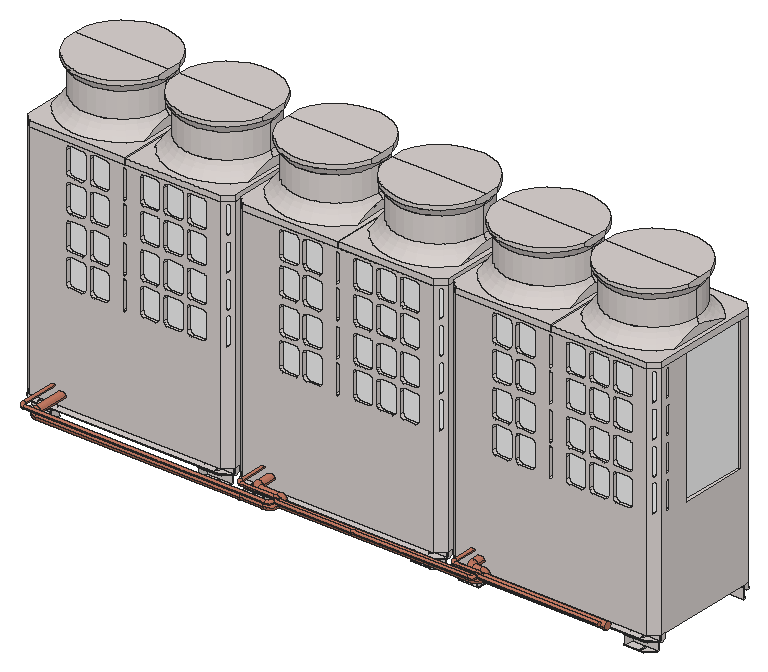
Revit family "PUHY-P1300YSNW-A1", category 機械設備, Revit 2016 (continued)
Definition of nested family "PUHY-P450YNW-A1"
  Dimensions and locks
    plane 3 "Center (Left/Right)" to cut or joined group 1 (Extrusion 1, Extrusion 2, Extrusion 3, Extrusion 4, Extrusion 5, Extrusion 6, Extrusion 7, Extrusion 8, Extrusion 9, Extrusion 10, Extrusion 11, Extrusion 12, Extrusion 13, Extrusion 14, Extrusion 15, Extrusion 16, Extrusion 17, Extrusion 18, Extrusion 19, Extrusion 20, Extrusion 21, Extrusion 22, Extrusion 23, Extrusion 24, Extrusion 25, Extrusion 26, Extrusion 27, Extrusion 28, Extrusion 29, Extrusion 30, Extrusion 31, Extrusion 32, Extrusion 33) = 620.000 mm
    cut or joined group 1 to plane 3 "Center (Left/Right)" = 620.000 mm
    Extrusion 1 sketch curve to Extrusion 1 sketch curve = 1240.000 mm
    cut or joined group 1 to plane 8 = 185.000 mm
    cut or joined group 1 to plane 7 = 166.000 mm
    cut or joined group 1 to plane 6 = 110.000 mm
    cut or joined group 1 to plane 12 to cut or joined group 1 = 805.000 mm, 621.000 mm
    plane 5 to plane 2 = 1858.000 mm  (x2)
    cut or joined group 1 to plane 19 "132" = 132.000 mm
    cut or joined group 1 to plane 22 = 207.000 mm
    cut or joined group 1 to plane 23 = 256.000 mm
    cut or joined group 1 to plane 6 = 60.000 mm
    cut or joined group 1 to cut or joined group 1 = 42.154 mm
    cut or joined group 1 to cut or joined group 1 = 11.895 mm
    nested 1 to nested 3 to level = 1798.000 mm, 60.000 mm
    nested 1 to nested 1 = 303.000 mm
    nested 1 to nested 3 = 1495.000 mm
    nested 8 to nested 8 to nested 8 to nested 7 to nested 7 to nested 7 = 54.000 mm, 20.000 mm, 592.000 mm, 20.000 mm, 54.000 mm
    nested 3 to nested 3 = 56.000 mm
    plane 11 to plane 31 to plane 32 to cut or joined group 1 = 90.000 mm, 1060.000 mm, 90.000 mm
    curve 103 to nested 7 = 90.000 mm
    curve 104 to nested 7 = 125.000 mm
    curve 101 to nested 7 = 100.000 mm
    curve 11 to curve 13 to nested 7 = 84.000 mm, 71.000 mm
    cut or joined group 1 to curve 12 to curve 14 = 125.000 mm, 148.000 mm
    nested 2 to nested 7 = 1495.000 mm
    curve 87 to cut or joined group 1 = 152.000 mm
    curve 88 to cut or joined group 1 = 172.000 mm
    curve 89 to cut or joined group 1 = 216.000 mm
    cut or joined group 1 to curve 4 to curve 2 = 128.000 mm, 150.000 mm
    cut or joined group 1 to curve 1 to curve 3 = 79.000 mm, 94.000 mm
    Extrusion 32 sketch curve to nested 7 = 116.000 mm
    cut or joined group 1 to Extrusion 32 sketch curve = 160.000 mm
    cut or joined group 1 to Extrusion 33 sketch curve = 243.000 mm
    Extrusion 33 sketch curve to nested 7 = 116.000 mm
    aligned and locked: level to plane 2
    aligned and locked: Extrusion 1 to plane 4
  Nested families
    nested 1: "FAN GUARD" at (-311.5, 2, 860), type "FAN GUARD"
      with WIDTH 870.000 mm
    nested 2: "FAN GUARD" at (311.5, 2, 860) x (-1, 0, 0) z (0, 0, 1), type "FAN GUARD"
      with WIDTH 870.000 mm
    nested 3: "ATTACHMENT LEG" at (-524, -349, 0), type "ATTACHMENT LEG"
    nested 4: "ATTACHMENT LEG" at (-524, 349, 0), type "ATTACHMENT LEG"
    nested 5: "ATTACHMENT LEG" at (524, -349, 0) x (-1, 0, 0) z (0, 0, 1), type "ATTACHMENT LEG"
    nested 6: "ATTACHMENT LEG" at (524, 349, 0) x (-1, 0, 0) z (0, 0, 1), type "ATTACHMENT LEG"
    nested 7: "BASE LEG_L_" at (0, -352, 60), type "BASE LEG_L_"
      with Width 1240.000 mm
    nested 8: "BASE LEG_L_" at (0, 352, 60), type "BASE LEG_L_"
      with Width 1240.000 mm
  Connectors
    piping at (-460, -191, 176), diameter 25.4, driven by "Liquid pipe_radius"
      settings: on cut or joined group 1, index 3, connector inside diameter 25.4 mm, connector length 0.000 mm, flow factor 0, pipe flow 0.0 L/s, pressure drop 0.0 Pa, fitting loss kfactor 0, connector angle 0.00°, fixture units 0, engagement length 0.000 mm, angle of deflection 0.00°, flow configuration 0, flow direction 0, fitting loss method 0, system type 22, joint type 0, gender type 0, connector reference index -1, connector utility 0, adjustable connector no, is connector primary yes, connector description "Refrigerant service valve<Liquid pipe>"
    piping at (-377, -191, 176), diameter 28.58, driven by "Gas pipe_radius"
      settings: on cut or joined group 1, index 4, connector inside diameter 28.58 mm, connector length 0.000 mm, flow factor 0, pipe flow 0.0 L/s, pressure drop 0.0 Pa, fitting loss kfactor 0, connector angle 0.00°, fixture units 0, engagement length 0.000 mm, angle of deflection 0.00°, flow configuration 0, flow direction 0, fitting loss method 0, system type 22, joint type 0, gender type 0, connector reference index -1, connector utility 0, adjustable connector no, is connector primary no, connector description "Refrigerant service valve<Gas>"
    electrical at (0, -370, 808)
      settings: on cut or joined group 1, index 5, voltage 0 V, apparent load 0 VA, apparent load phase1 0 VA, apparent load phase2 0 VA, apparent load phase3 0 VA, power factor 1, load classification none, number of poles 1, system type 30, power factor state 1, is connector primary yes, connector utility no, sub classification motor no, connector description ""
  Definition of nested family "FAN GUARD"
    Parameters
      WIDTH [instance] = 870.000 mm
    Reference planes
      plane 1 "中心(正面/背面)": y = -2
      plane 2: z = 0
      plane 3 "ファンガード基準面": z = 661
      plane 4: y = 368
      plane 5: x = 366
      plane 6: x = -375
      plane 7 "ファンガード基準上面": z = 695
      plane 8 "ファンガード上面": z = 998
      plane 9: x = -273.971
      plane 10: x = 308.5
      plane 11: x = -308.5
      plane 12: x = 0
    Forms (mm)
      Extrusion 1, solid
        sketch origin (85, 0, 661) x (-1, 0, 0) y (0, -1, 0)
          loop
            line (343.5, -368) -> (393.5, -318) -> (393.5, 322) -> (343.5, 372) -> (-223.5, 372) -> (-223.5, -368) -> (343.5, -368)
        from 0 to 34
      Revolve 2, solid
        sketch origin (0, -2, 0) x (1, 0, 0) y (0, 0, 1)
          loop
            line (0, 695) -> (0, 998) -> (-290, 998) -> (-290, 972.327) -> (-260, 928.372) -> (-260, 777.384)
            arc (-260, 777.384) -> (-290.651, 730.137) -> (-334.665, 695) r 175.882
            line (-334.665, 695) -> (0, 695)
          axis (0, 998) -> (0, 695)
        angle from 0 to 360
      Extrusion 3, void
        sketch origin (-840, 75, 695) x (-1, 0, 0) y (0, -1, 0)
          loop
            line (-410, -165) -> (-410, 315) -> (-561.253, 315) -> (-561.253, -165) -> (-410, -165)
        from -35 to 430.592
      Extrusion 4, void
        sketch origin (840, 75, 695) x (1, 0, 0) y (0, 1, 0)
          loop
            line (-410, 165) -> (-561.253, 165) -> (-561.253, -315) -> (-410, -315) -> (-410, 165)
        from 0 to 430.592
    Cuts and joins
      Extrusion 3, Extrusion 4 cuts Revolve 2
      Extrusion 4 cuts Extrusion 1
    Lines and regions (mm)
      model lines
        curve 1: line (-278.747, 0, 998) -> (-80, 0, 998)
        curve 2: line (80, 0, 998) -> (278.747, 0, 998)
        curve 3: circle (0, 0, 998) r 80 normal (0, 0, 1)
        curve 4: line (-278.747, -80, 998) -> (278.747, -80, 998)
        curve 5: line (-241.868, -160, 998) -> (241.868, -160, 998)
        curve 6: line (-162.788, -240, 998) -> (162.788, -240, 998)
        curve 7: line (-278.747, 80, 998) -> (278.747, 80, 998)
        curve 8: line (-241.868, 160, 998) -> (240, 160, 998)
        curve 9: line (-160, 240, 998) -> (162.788, 240, 998)
        curve 10: line (0, 290, 998) -> (0, -290, 998)
        curve 11: line (-20, 289.31, 998) -> (-20, -289.31, 998)
        curve 12: line (-40, 287.228, 998) -> (-40, -287.228, 998)
        curve 13: line (-60, 283.725, 998) -> (-60, -283.725, 998)
        curve 14: line (-80, 278.747, 998) -> (-80, -278.747, 998)
        curve 15: line (20, 289.31, 998) -> (20, -289.31, 998)
        curve 16: line (40, 287.228, 998) -> (40, -287.228, 998)
        curve 17: line (60, 283.725, 998) -> (60, -283.725, 998)
        curve 18: line (80, 278.747, 998) -> (80, -278.747, 998)
        curve 19: line (100, 272.213, 998) -> (100, -272.213, 998)
        curve 20: line (120, 264.008, 998) -> (120, -264.008, 998)
        curve 21: line (140, 253.969, 998) -> (140, -253.969, 998)
        curve 22: line (160, 241.868, 998) -> (160, -243.132, 998)
        curve 23: line (180, 227.376, 998) -> (180, -227.624, 998)
        curve 24: line (200, 210, 998) -> (200, -210, 998)
        curve 25: line (220, 188.944, 998) -> (220, -188.944, 998)
        curve 26: line (240, 160, 998) -> (240, -162.788, 998)
        curve 27: line (260, 128.452, 998) -> (260, -128.452, 998)
        curve 28: line (-100, 272.213, 998) -> (-100, -272.213, 998)
        curve 29: line (-120, 264.008, 998) -> (-120, -264.008, 998)
        curve 30: line (-140, 253.969, 998) -> (-140, -253.969, 998)
        curve 31: line (-160, 240, 998) -> (-160, -241.868, 998)
        curve 32: line (-180, 227.376, 998) -> (-180, -227.376, 998)
        curve 33: line (-200, 210, 998) -> (-200, -210, 998)
        curve 34: line (-220, 188.944, 998) -> (-220, -188.944, 998)
        curve 35: line (-240, 162.788, 998) -> (-240, -162.788, 998)
        curve 36: line (-260, 128.452, 998) -> (-260, -128.452, 998)
        curve 37: line (10, 79.373, 998) -> (10, -79.373, 998)
        curve 38: line (-10, 79.373, 998) -> (-10, -79.373, 998)
        curve 39: line (30, 74.162, 998) -> (30, -74.162, 998)
        curve 40: line (50, 62.45, 998) -> (50, -62.45, 998)
        curve 41: line (70, 38.73, 998) -> (70, -38.73, 998)
        curve 42: line (-30, 74.162, 998) -> (-30, -74.162, 998)
        curve 43: line (-50, 62.45, 998) -> (-50, -62.45, 998)
        curve 44: line (-70, 38.73, 998) -> (-70, -38.73, 998)
    Dimensions and locks
      locked: plane 8 "ファンガード上面" to plane 7 "ファンガード基準上面" at 303
      plane 8 "ファンガード上面" to plane 3 "ファンガード基準面" = 337.000 mm
      Revolve 2 sketch curve to Revolve 2 sketch curve = 290.000 mm
      Extrusion 1 sketch curve to Extrusion 1 sketch curve = 740.000 mm
      equal spacing: Extrusion 1 sketch curve, plane 1 "中心(正面/背面)", Extrusion 1 sketch curve
      plane 6 to plane 5 = 741.000 mm
      Extrusion 1 sketch curve to Extrusion 1 sketch curve = 617.000 mm
      plane 11 to plane 10 = 617.000 mm
      cut or joined group of Extrusion 1, Extrusion 4 to cut or joined group of Extrusion 1, Extrusion 4 = 617.000 mm
      cut or joined group of Extrusion 1, Extrusion 4 to cut or joined group of Extrusion 1, Extrusion 4 = 740.000 mm
      aligned and locked: level to plane 2
      aligned and locked: plane 7 "ファンガード基準上面" to Extrusion 1
      aligned and locked: plane 3 "ファンガード基準面" to Extrusion 1
      aligned and locked: cut or joined group of Revolve 2, Extrusion 3, Extrusion 4 to plane 8 "ファンガード上面"
  Definition of nested family "ATTACHMENT LEG"
    Parameters
      Width = 145.000 mm
    Reference planes
      plane 1: z = 0
      plane 2 "中心(左/右)": x = -6
      plane 3: x = -52
      plane 4: x = 85
      plane 5: x = 93
      plane 6: y = -21
      plane 7: y = 27
      plane 8: x = -30
      plane 9: y = 39
      plane 10: z = 60
      plane 11: z = 57
      plane 12: z = 3
      plane 13: x = 82
      plane 14: y = 36
      plane 15: x = -75
      plane 16: y = 31
      plane 17 "幅": x = 93
      plane 18: y = 2.5
      plane 19: y = 21
      plane 20: y = -10
    Forms (mm)
      Extrusion 1, solid
        sketch origin (0, -1, 0) x (1, 0, 0) y (0, 1, 0)
          loop
            line (-75, 36) -> (-75, 27) -> (-28, -20) -> (93, -20) -> (93, 32) -> (85, 32) -> (85, 36) -> (-75, 36)
        from 0 to 60
      Extrusion 2, void
        sketch origin (0, -3, 0) x (1, 0, 0) y (0, 0, 1)
          loop
            line (-75, 57) -> (-75, 3) -> (82, 3) -> (82, 57) -> (-75, 57)
          loop
            line (93, 57) -> (85, 57) -> (85, 3) -> (93, 3) -> (93, 57)
        from -35 to 18
      Extrusion 3, void
        sketch origin (-6, 5.5, 0) x (1, 0, 0) y (0, 1, 0)
          loop
            arc (-7, -8.5) -> (0, -15.5) -> (7, -8.5) r 7
            line (7, -8.5) -> (7, 8.5)
            arc (7, 8.5) -> (0, 15.5) -> (-7, 8.5) r 7
            line (-7, 8.5) -> (-7, -8.5)
        from 0 to 60
    Cuts and joins
      Extrusion 2, Extrusion 3 cuts Extrusion 1
    Dimensions and locks
      locked: plane 3 to plane 4 at 137
      locked: plane 3 to plane 5 at 145
      plane 6 to plane 7 = 48.000 mm
      locked: plane 10 to level at 60
      Extrusion 3 sketch curve to plane 2 "中心(左/右)" = 7.000 mm
      locked: plane 15 to plane 2 "中心(左/右)" at 69
      locked: plane 15 to plane 8 at 45
      locked: plane 6 to plane 18 at 23.5
      cut or joined group of Extrusion 1, Extrusion 2, Extrusion 3 to cut or joined group of Extrusion 1, Extrusion 2, Extrusion 3 = 168.000 mm
      cut or joined group of Extrusion 1, Extrusion 2, Extrusion 3 to cut or joined group of Extrusion 1, Extrusion 2, Extrusion 3 = 56.000 mm  (x2)
      plane 14 to plane 6 = 57.000 mm
      aligned and locked: level to plane 1
      aligned and locked: Extrusion 1 sketch curve to plane 4
      aligned and locked: Extrusion 1 sketch curve to plane 5
      aligned: plane 8 to Extrusion 1 sketch curve
      aligned and locked: plane 10 to Extrusion 1
      aligned and locked: Extrusion 2 sketch curve to plane 11
      aligned: plane 3 to Extrusion 2 sketch curve
      aligned and locked: plane 12 to Extrusion 2 sketch curve
      aligned and locked: Extrusion 2 sketch curve to plane 13
      aligned and locked: plane 6 to Extrusion 2
      aligned and locked: plane 11 to Extrusion 2 sketch curve
      aligned and locked: plane 5 to Extrusion 2 sketch curve
      aligned and locked: Extrusion 2 sketch curve to plane 12
      aligned and locked: Extrusion 2 sketch curve to plane 4
      aligned and locked: plane 15 to Extrusion 1 sketch curve
      aligned and locked: Extrusion 2 sketch curve to cut or joined group of Extrusion 1, Extrusion 2, Extrusion 3
      aligned and locked: Extrusion 1 to plane 16
  Definition of nested family "BASE LEG_L_"
    Parameters
      Width [instance] = 1240.000 mm
    Reference planes
      plane 1 "中心(正面/背面)": y = 0
      plane 2: z = 0
      plane 3 "中心(左/右)": x = 0
      plane 4: x = 620
      plane 5: x = -620
      plane 6: x = -530
      plane 7: x = 530
      plane 8: y = -18
      plane 9: y = 39
      plane 10: z = 53
      plane 11: y = 42
      plane 12: y = 27
      plane 13: x = 575
      plane 14: x = -575
      plane 15: z = 8
      plane 16: y = 11.5
      plane 17: z = 35
    Forms (mm)
      Extrusion 1, solid
        sketch origin (0, 0, 0) x (0, 1, 0) y (0, 0, 1)
          loop
            line (-18, 0) -> (36, 0) -> (36, 32) -> (56, 32) -> (56, 35) -> (33, 35) -> (33, 3) -> (-18, 3) -> (-18, 0)
        from -620 to 620
      Extrusion 2, void
        sketch origin (0, 0, 0) x (1, 0, 0) y (0, 1, 0)
          loop
            line (575, -18) -> (620, -18) -> (620, 27) -> (575, -18)
          loop
            line (-575, -18) -> (-620, 27) -> (-620, -18) -> (-575, -18)
        from 0 to 250
      Extrusion 3, void
        sketch origin (0, 12.023, 0) x (1, 0, 0) y (0, 1, 0)
          loop
            arc (523, -2.971) -> (530, -9.971) -> (537, -2.971) r 7
            line (537, -2.971) -> (537, 3.023)
            arc (537, 3.023) -> (530, 10.023) -> (523, 3.023) r 7
            line (523, 3.023) -> (523, -2.971)
          loop
            line (-523, -2.971) -> (-523, 3.023)
            arc (-523, 3.023) -> (-530, 10.023) -> (-537, 3.023) r 7
            line (-537, 3.023) -> (-537, -2.971)
            arc (-537, -2.971) -> (-530, -9.971) -> (-523, -2.971) r 7
        from 0 to 250
      Extrusion 4, solid
        sketch origin (0, 0, -3) x (1, 0, 0) y (0, 0, 1)
          loop
            line (617, 8) -> (620, 8) -> (620, 35) -> (617, 35) -> (617, 8)
          loop
            line (-617, 8) -> (-617, 35) -> (-620, 35) -> (-620, 8) -> (-617, 8)
        from -36 to -56
      Extrusion 5, solid
        sketch origin (150, 352, 0) x (1, 0, 0) y (0, 1, 0)
          loop
            line (460, -319) -> (455, -319) -> (455, -320) -> (405, -370) -> (410, -370) -> (460, -320) -> (460, -319)
        from 3 to 35
      Extrusion 6, void
        sketch origin (560, -18, 0) x (0.707107, 0.707107, 0) y (0, 0, 1)
          loop
            line (70.711, 3) -> (-6.741, 39.767) -> (-6.741, 3) -> (70.711, 3)
        from -190.256 to 23.776
      Extrusion 7, solid
        sketch origin (-150, 352, 0) x (-1, 0, 0) y (0, -1, 0)
          loop
            line (460, 319) -> (460, 320) -> (410, 370) -> (405, 370) -> (455, 320) -> (455, 319) -> (460, 319)
        from 3 to 35
      Extrusion 8, void
        sketch origin (-560, -18, 0) x (0.707107, -0.707107, 0) y (0, 0, -1)
          loop
            line (-70.711, -3) -> (0, -35) -> (6.741, -35) -> (6.741, -3) -> (-70.711, -3)
        from -190.256 to 23.776
    Cuts and joins
      Extrusion 2, Extrusion 3 cuts Extrusion 1
      joined: Extrusion 1, Extrusion 4
      Extrusion 8 cuts Extrusion 7
      Extrusion 6 cuts Extrusion 5
    Dimensions and locks
      "Width": plane 5 to plane 4
      equal spacing: plane 5, plane 3 "中心(左/右)", plane 4
      locked: plane 5 to plane 6 at 90
      locked: plane 7 to plane 4 at 90
      locked: plane 8 to plane 9 at 57
      locked: plane 10 to level at 53
      locked: plane 9 to plane 11 at 3
      plane 8 to plane 12 = 45.000 mm
      locked: plane 13 to plane 4 at 45
      locked: plane 5 to plane 14 at 45
      equal spacing: Extrusion 3 sketch curve, plane 7, Extrusion 3 sketch curve
      equal spacing: Extrusion 3 sketch curve, plane 6, Extrusion 3 sketch curve
      locked: plane 10 to plane 15 at 45
      locked: cut or joined group of Extrusion 1, Extrusion 2, Extrusion 3, Extrusion 4 to Extrusion 4 sketch curve at 3  (x2)
      locked: plane 8 to plane 16 at 29.5
      plane 8 to plane 11 = 60.000 mm
      cut or joined group of Extrusion 1, Extrusion 2, Extrusion 3, Extrusion 4 to cut or joined group of Extrusion 1, Extrusion 2, Extrusion 3, Extrusion 4 = 35.000 mm
      aligned and locked: level to plane 2
      aligned and locked: plane 8 to Extrusion 1 sketch curve
      aligned and locked: plane 4 to Extrusion 1
      aligned and locked: Extrusion 1 to plane 5
      aligned and locked: Extrusion 2 sketch curve to plane 4
      aligned and locked: Extrusion 2 sketch curve to plane 8
      aligned and locked: plane 12 to Extrusion 2 sketch curve
      aligned and locked: plane 13 to Extrusion 2 sketch curve
      aligned and locked: plane 4 to Extrusion 4 sketch curve
      aligned and locked: plane 5 to Extrusion 4 sketch curve
      aligned and locked: cut or joined group of Extrusion 7, Extrusion 8 to cut or joined group of Extrusion 1, Extrusion 2, Extrusion 3, Extrusion 4
    Automatic sketch dimensions
      Extrusion 3 sketch curve to plane 1 "中心(正面/背面)" = 9.052 mm  (x2)
      Extrusion 3 sketch curve to plane 7 = 7.000 mm
      Extrusion 3 sketch curve to plane 1 "中心(正面/背面)" = 15.046 mm  (x2)
      Extrusion 3 sketch curve to plane 6 = 7.000 mm
      Extrusion 2 sketch curve to plane 5 = 0.000 mm
      plane 8 to Extrusion 2 sketch curve = 0.000 mm
      Extrusion 2 sketch curve to plane 14 = 0.000 mm
      plane 12 to Extrusion 2 sketch curve = 0.000 mm
      Extrusion 4 sketch curve to plane 10 = 21.000 mm
      plane 7 to Extrusion 5 sketch curve = 25.000 mm
      Extrusion 5 sketch curve to Extrusion 5 sketch curve = 5.000 mm  (x2)
      plane 7 to Extrusion 5 sketch curve = 75.000 mm
      plane 8 to Extrusion 5 sketch curve = 0.000 mm
      Extrusion 5 sketch curve to Extrusion 5 sketch curve = 50.000 mm
      Extrusion 5 sketch curve to Extrusion 5 sketch curve = 0.000 mm
      Extrusion 5 sketch curve to Extrusion 5 sketch curve = 1.000 mm
      Extrusion 6 sketch curve to Extrusion 5 = 0.000 mm  (x2)
      Extrusion 6 sketch curve to Extrusion 5 = 6.741 mm
      Extrusion 6 sketch curve to Extrusion 5 = 4.767 mm
      plane 6 to Extrusion 7 sketch curve = 25.000 mm
      Extrusion 7 sketch curve to Extrusion 7 sketch curve = 5.000 mm  (x2)
      Extrusion 7 sketch curve to Extrusion 7 sketch curve = 45.000 mm
      Extrusion 7 sketch curve to plane 8 = 0.000 mm
      Extrusion 7 sketch curve to Extrusion 7 sketch curve = 50.000 mm
      Extrusion 7 sketch curve to Extrusion 7 sketch curve = 0.000 mm
      Extrusion 7 sketch curve to Extrusion 7 sketch curve = 1.000 mm
      Extrusion 8 sketch curve to Extrusion 7 = 0.000 mm  (x2)
      Extrusion 7 to Extrusion 8 sketch curve = 0.000 mm  (x2)
      Extrusion 7 to Extrusion 8 sketch curve = 6.741 mm
      Extrusion 4 sketch curve to plane 17 = 3.000 mm
      Extrusion 4 sketch curve to plane 15 = 3.000 mm  (x2)
      Extrusion 1 sketch curve to plane 17 = 0.000 mm
      Extrusion 1 sketch curve to level = 0.000 mm
      level to Extrusion 1 sketch curve = 3.000 mm
      plane 9 to Extrusion 1 sketch curve = 6.000 mm
      plane 9 to Extrusion 1 sketch curve = 3.000 mm
      Extrusion 1 sketch curve to plane 17 = 3.000 mm
      Extrusion 1 sketch curve to plane 11 = 14.000 mm
Definition of nested family "PUHY-P400YNW-A1"
  Parameters
    Model = "PUHY-P400YNW-A"
    URL = "http://www.mitsubishielectric.com/"
    Manufacturer = "Mitsubishi Electric Corporation"
    Liquid pipe_radius = 12.700 mm
    Gas pipe_radius = 14.290 mm
  Reference planes
    plane 1 "Center (Front/Back)": y = 0
    plane 2: z = 0
    plane 3 "Center (Left/Right)": x = 0
    plane 4: y = 370
    plane 5: z = 1858
    plane 6: y = -260
    plane 7: y = -204
    plane 8: y = -185
    plane 9: x = -620
    plane 10: x = 620
    plane 11: x = -620
    plane 12: z = 716
    plane 13: x = -524
    plane 14: z = 669
    plane 15: x = -50.5
    plane 16: x = 51
    plane 17: x = 489
    plane 18: x = 467
    plane 19 "132": x = 488
    plane 20 "100": z = 160
    plane 21: z = 185
    plane 22: x = 413
    plane 23: x = 364
    plane 24: z = 150
    plane 25: x = -287.25
    plane 26: x = -137.25
    plane 27: x = -272.25
    plane 28: y = -278
    plane 29: z = 1509
    plane 30: y = -370
    plane 31: x = -530
    plane 32: x = 530
    plane 33 "179": y = -191
  Forms (mm)
    Extrusion 1, solid
      sketch origin (-1, 0, 113) x (-1, 0, 0) y (0, -1, 0)
        loop
          line (569, -370) -> (619, -320) -> (619, 320) -> (569, 370) -> (-571, 370) -> (-621, 320) -> (-621, -320) -> (-571, -370) -> (569, -370)
      from -18 to 1408
    Extrusion 2, void
      sketch origin (524, -370, 113) x (1, 0, 0) y (0, 0, -1)
        loop
          arc (-60.8, -1393.5) -> (-42.557, -1385.943) -> (-35, -1367.7) r 25.8
          line (-35, -1367.7) -> (-35, -1248.5)
          arc (-35, -1248.5) -> (-42.557, -1230.257) -> (-60.8, -1222.7) r 25.8
          line (-60.8, -1222.7) -> (-126, -1222.7)
          arc (-126, -1222.7) -> (-144.243, -1230.257) -> (-151.8, -1248.5) r 25.8
          line (-151.8, -1248.5) -> (-151.8, -1367.7)
          arc (-151.8, -1367.7) -> (-144.243, -1385.943) -> (-126, -1393.5) r 25.8
          line (-126, -1393.5) -> (-60.8, -1393.5)
      from 0 to 20
    Extrusion 3, void
      sketch origin (524, -370, -81) x (1, 0, 0) y (0, 0, -1)
        loop
          arc (-60.8, -1393.5) -> (-42.557, -1385.943) -> (-35, -1367.7) r 25.8
          line (-35, -1367.7) -> (-35, -1248.5)
          arc (-35, -1248.5) -> (-42.557, -1230.257) -> (-60.8, -1222.7) r 25.8
          line (-60.8, -1222.7) -> (-126, -1222.7)
          arc (-126, -1222.7) -> (-144.243, -1230.257) -> (-151.8, -1248.5) r 25.8
          line (-151.8, -1248.5) -> (-151.8, -1367.7)
          arc (-151.8, -1367.7) -> (-144.243, -1385.943) -> (-126, -1393.5) r 25.8
          line (-126, -1393.5) -> (-60.8, -1393.5)
      from 0 to 20
    Extrusion 4, void
      sketch origin (524, -370, -287) x (1, 0, 0) y (0, 0, -1)
        loop
          arc (-60.8, -1393.5) -> (-42.557, -1385.943) -> (-35, -1367.7) r 25.8
          line (-35, -1367.7) -> (-35, -1248.5)
          arc (-35, -1248.5) -> (-42.557, -1230.257) -> (-60.8, -1222.7) r 25.8
          line (-60.8, -1222.7) -> (-126, -1222.7)
          arc (-126, -1222.7) -> (-144.243, -1230.257) -> (-151.8, -1248.5) r 25.8
          line (-151.8, -1248.5) -> (-151.8, -1367.7)
          arc (-151.8, -1367.7) -> (-144.243, -1385.943) -> (-126, -1393.5) r 25.8
          line (-126, -1393.5) -> (-60.8, -1393.5)
      from 0 to 20
    Extrusion 5, void
      sketch origin (524, -370, -481) x (1, 0, 0) y (0, 0, -1)
        loop
          arc (-60.8, -1393.5) -> (-42.557, -1385.943) -> (-35, -1367.7) r 25.8
          line (-35, -1367.7) -> (-35, -1248.5)
          arc (-35, -1248.5) -> (-42.557, -1230.257) -> (-60.8, -1222.7) r 25.8
          line (-60.8, -1222.7) -> (-126, -1222.7)
          arc (-126, -1222.7) -> (-144.243, -1230.257) -> (-151.8, -1248.5) r 25.8
          line (-151.8, -1248.5) -> (-151.8, -1367.7)
          arc (-151.8, -1367.7) -> (-144.243, -1385.943) -> (-126, -1393.5) r 25.8
          line (-126, -1393.5) -> (-60.8, -1393.5)
      from 0 to 20
    Extrusion 6, void
      sketch origin (384, -370, 113) x (1, 0, 0) y (0, 0, -1)
        loop
          arc (-60.8, -1393.5) -> (-42.557, -1385.943) -> (-35, -1367.7) r 25.8
          line (-35, -1367.7) -> (-35, -1248.5)
          arc (-35, -1248.5) -> (-42.557, -1230.257) -> (-60.8, -1222.7) r 25.8
          line (-60.8, -1222.7) -> (-126, -1222.7)
          arc (-126, -1222.7) -> (-144.243, -1230.257) -> (-151.8, -1248.5) r 25.8
          line (-151.8, -1248.5) -> (-151.8, -1367.7)
          arc (-151.8, -1367.7) -> (-144.243, -1385.943) -> (-126, -1393.5) r 25.8
          line (-126, -1393.5) -> (-60.8, -1393.5)
      from 0 to 20
    Extrusion 7, void
      sketch origin (384, -370, -81) x (1, 0, 0) y (0, 0, -1)
        loop
          arc (-60.8, -1393.5) -> (-42.557, -1385.943) -> (-35, -1367.7) r 25.8
          line (-35, -1367.7) -> (-35, -1248.5)
          arc (-35, -1248.5) -> (-42.557, -1230.257) -> (-60.8, -1222.7) r 25.8
          line (-60.8, -1222.7) -> (-126, -1222.7)
          arc (-126, -1222.7) -> (-144.243, -1230.257) -> (-151.8, -1248.5) r 25.8
          line (-151.8, -1248.5) -> (-151.8, -1367.7)
          arc (-151.8, -1367.7) -> (-144.243, -1385.943) -> (-126, -1393.5) r 25.8
          line (-126, -1393.5) -> (-60.8, -1393.5)
      from 0 to 20
    Extrusion 8, void
      sketch origin (384, -370, -287) x (1, 0, 0) y (0, 0, -1)
        loop
          arc (-60.8, -1393.5) -> (-42.557, -1385.943) -> (-35, -1367.7) r 25.8
          line (-35, -1367.7) -> (-35, -1248.5)
          arc (-35, -1248.5) -> (-42.557, -1230.257) -> (-60.8, -1222.7) r 25.8
          line (-60.8, -1222.7) -> (-126, -1222.7)
          arc (-126, -1222.7) -> (-144.243, -1230.257) -> (-151.8, -1248.5) r 25.8
          line (-151.8, -1248.5) -> (-151.8, -1367.7)
          arc (-151.8, -1367.7) -> (-144.243, -1385.943) -> (-126, -1393.5) r 25.8
          line (-126, -1393.5) -> (-60.8, -1393.5)
      from 0 to 20
    Extrusion 9, void
      sketch origin (384, -370, -481) x (1, 0, 0) y (0, 0, -1)
        loop
          arc (-60.8, -1393.5) -> (-42.557, -1385.943) -> (-35, -1367.7) r 25.8
          line (-35, -1367.7) -> (-35, -1248.5)
          arc (-35, -1248.5) -> (-42.557, -1230.257) -> (-60.8, -1222.7) r 25.8
          line (-60.8, -1222.7) -> (-126, -1222.7)
          arc (-126, -1222.7) -> (-144.243, -1230.257) -> (-151.8, -1248.5) r 25.8
          line (-151.8, -1248.5) -> (-151.8, -1367.7)
          arc (-151.8, -1367.7) -> (-144.243, -1385.943) -> (-126, -1393.5) r 25.8
          line (-126, -1393.5) -> (-60.8, -1393.5)
      from 0 to 20
    Extrusion 10, void
      sketch origin (244, -370, 113) x (1, 0, 0) y (0, 0, -1)
        loop
          arc (-60.8, -1393.5) -> (-42.557, -1385.943) -> (-35, -1367.7) r 25.8
          line (-35, -1367.7) -> (-35, -1248.5)
          arc (-35, -1248.5) -> (-42.557, -1230.257) -> (-60.8, -1222.7) r 25.8
          line (-60.8, -1222.7) -> (-126, -1222.7)
          arc (-126, -1222.7) -> (-144.243, -1230.257) -> (-151.8, -1248.5) r 25.8
          line (-151.8, -1248.5) -> (-151.8, -1367.7)
          arc (-151.8, -1367.7) -> (-144.243, -1385.943) -> (-126, -1393.5) r 25.8
          line (-126, -1393.5) -> (-60.8, -1393.5)
      from 0 to 20
    Extrusion 11, void
      sketch origin (244, -370, -81) x (1, 0, 0) y (0, 0, -1)
        loop
          arc (-60.8, -1393.5) -> (-42.557, -1385.943) -> (-35, -1367.7) r 25.8
          line (-35, -1367.7) -> (-35, -1248.5)
          arc (-35, -1248.5) -> (-42.557, -1230.257) -> (-60.8, -1222.7) r 25.8
          line (-60.8, -1222.7) -> (-126, -1222.7)
          arc (-126, -1222.7) -> (-144.243, -1230.257) -> (-151.8, -1248.5) r 25.8
          line (-151.8, -1248.5) -> (-151.8, -1367.7)
          arc (-151.8, -1367.7) -> (-144.243, -1385.943) -> (-126, -1393.5) r 25.8
          line (-126, -1393.5) -> (-60.8, -1393.5)
      from 0 to 20
    Extrusion 12, void
      sketch origin (244, -370, -287) x (1, 0, 0) y (0, 0, -1)
        loop
          arc (-60.8, -1393.5) -> (-42.557, -1385.943) -> (-35, -1367.7) r 25.8
          line (-35, -1367.7) -> (-35, -1248.5)
          arc (-35, -1248.5) -> (-42.557, -1230.257) -> (-60.8, -1222.7) r 25.8
          line (-60.8, -1222.7) -> (-126, -1222.7)
          arc (-126, -1222.7) -> (-144.243, -1230.257) -> (-151.8, -1248.5) r 25.8
          line (-151.8, -1248.5) -> (-151.8, -1367.7)
          arc (-151.8, -1367.7) -> (-144.243, -1385.943) -> (-126, -1393.5) r 25.8
          line (-126, -1393.5) -> (-60.8, -1393.5)
      from 0 to 20
    Extrusion 13, void
      sketch origin (244, -370, -481) x (1, 0, 0) y (0, 0, -1)
        loop
          arc (-60.8, -1393.5) -> (-42.557, -1385.943) -> (-35, -1367.7) r 25.8
          line (-35, -1367.7) -> (-35, -1248.5)
          arc (-35, -1248.5) -> (-42.557, -1230.257) -> (-60.8, -1222.7) r 25.8
          line (-60.8, -1222.7) -> (-126, -1222.7)
          arc (-126, -1222.7) -> (-144.243, -1230.257) -> (-151.8, -1248.5) r 25.8
          line (-151.8, -1248.5) -> (-151.8, -1367.7)
          arc (-151.8, -1367.7) -> (-144.243, -1385.943) -> (-126, -1393.5) r 25.8
          line (-126, -1393.5) -> (-60.8, -1393.5)
      from 0 to 20
    Extrusion 14, void
      sketch origin (-56, -370, 113) x (1, 0, 0) y (0, 0, -1)
        loop
          arc (-60.8, -1393.5) -> (-42.557, -1385.943) -> (-35, -1367.7) r 25.8
          line (-35, -1367.7) -> (-35, -1248.5)
          arc (-35, -1248.5) -> (-42.557, -1230.257) -> (-60.8, -1222.7) r 25.8
          line (-60.8, -1222.7) -> (-126, -1222.7)
          arc (-126, -1222.7) -> (-144.243, -1230.257) -> (-151.8, -1248.5) r 25.8
          line (-151.8, -1248.5) -> (-151.8, -1367.7)
          arc (-151.8, -1367.7) -> (-144.243, -1385.943) -> (-126, -1393.5) r 25.8
          line (-126, -1393.5) -> (-60.8, -1393.5)
      from 0 to 20
    Extrusion 15, void
      sketch origin (-56, -370, -81) x (1, 0, 0) y (0, 0, -1)
        loop
          arc (-60.8, -1393.5) -> (-42.557, -1385.943) -> (-35, -1367.7) r 25.8
          line (-35, -1367.7) -> (-35, -1248.5)
          arc (-35, -1248.5) -> (-42.557, -1230.257) -> (-60.8, -1222.7) r 25.8
          line (-60.8, -1222.7) -> (-126, -1222.7)
          arc (-126, -1222.7) -> (-144.243, -1230.257) -> (-151.8, -1248.5) r 25.8
          line (-151.8, -1248.5) -> (-151.8, -1367.7)
          arc (-151.8, -1367.7) -> (-144.243, -1385.943) -> (-126, -1393.5) r 25.8
          line (-126, -1393.5) -> (-60.8, -1393.5)
      from 0 to 20
    Extrusion 16, void
      sketch origin (-56, -370, -287) x (1, 0, 0) y (0, 0, -1)
        loop
          arc (-60.8, -1393.5) -> (-42.557, -1385.943) -> (-35, -1367.7) r 25.8
          line (-35, -1367.7) -> (-35, -1248.5)
          arc (-35, -1248.5) -> (-42.557, -1230.257) -> (-60.8, -1222.7) r 25.8
          line (-60.8, -1222.7) -> (-126, -1222.7)
          arc (-126, -1222.7) -> (-144.243, -1230.257) -> (-151.8, -1248.5) r 25.8
          line (-151.8, -1248.5) -> (-151.8, -1367.7)
          arc (-151.8, -1367.7) -> (-144.243, -1385.943) -> (-126, -1393.5) r 25.8
          line (-126, -1393.5) -> (-60.8, -1393.5)
      from 0 to 20
    Extrusion 17, void
      sketch origin (-56, -370, -481) x (1, 0, 0) y (0, 0, -1)
        loop
          arc (-60.8, -1393.5) -> (-42.557, -1385.943) -> (-35, -1367.7) r 25.8
          line (-35, -1367.7) -> (-35, -1248.5)
          arc (-35, -1248.5) -> (-42.557, -1230.257) -> (-60.8, -1222.7) r 25.8
          line (-60.8, -1222.7) -> (-126, -1222.7)
          arc (-126, -1222.7) -> (-144.243, -1230.257) -> (-151.8, -1248.5) r 25.8
          line (-151.8, -1248.5) -> (-151.8, -1367.7)
          arc (-151.8, -1367.7) -> (-144.243, -1385.943) -> (-126, -1393.5) r 25.8
          line (-126, -1393.5) -> (-60.8, -1393.5)
      from 0 to 20
    Extrusion 18, void
      sketch origin (-196, -370, 113) x (1, 0, 0) y (0, 0, -1)
        loop
          arc (-60.8, -1393.5) -> (-42.557, -1385.943) -> (-35, -1367.7) r 25.8
          line (-35, -1367.7) -> (-35, -1248.5)
          arc (-35, -1248.5) -> (-42.557, -1230.257) -> (-60.8, -1222.7) r 25.8
          line (-60.8, -1222.7) -> (-126, -1222.7)
          arc (-126, -1222.7) -> (-144.243, -1230.257) -> (-151.8, -1248.5) r 25.8
          line (-151.8, -1248.5) -> (-151.8, -1367.7)
          arc (-151.8, -1367.7) -> (-144.243, -1385.943) -> (-126, -1393.5) r 25.8
          line (-126, -1393.5) -> (-60.8, -1393.5)
      from 0 to 20
    Extrusion 19, void
      sketch origin (-196, -370, -81) x (1, 0, 0) y (0, 0, -1)
        loop
          arc (-60.8, -1393.5) -> (-42.557, -1385.943) -> (-35, -1367.7) r 25.8
          line (-35, -1367.7) -> (-35, -1248.5)
          arc (-35, -1248.5) -> (-42.557, -1230.257) -> (-60.8, -1222.7) r 25.8
          line (-60.8, -1222.7) -> (-126, -1222.7)
          arc (-126, -1222.7) -> (-144.243, -1230.257) -> (-151.8, -1248.5) r 25.8
          line (-151.8, -1248.5) -> (-151.8, -1367.7)
          arc (-151.8, -1367.7) -> (-144.243, -1385.943) -> (-126, -1393.5) r 25.8
          line (-126, -1393.5) -> (-60.8, -1393.5)
      from 0 to 20
    Extrusion 20, void
      sketch origin (-196, -370, -287) x (1, 0, 0) y (0, 0, -1)
        loop
          arc (-60.8, -1393.5) -> (-42.557, -1385.943) -> (-35, -1367.7) r 25.8
          line (-35, -1367.7) -> (-35, -1248.5)
          arc (-35, -1248.5) -> (-42.557, -1230.257) -> (-60.8, -1222.7) r 25.8
          line (-60.8, -1222.7) -> (-126, -1222.7)
          arc (-126, -1222.7) -> (-144.243, -1230.257) -> (-151.8, -1248.5) r 25.8
          line (-151.8, -1248.5) -> (-151.8, -1367.7)
          arc (-151.8, -1367.7) -> (-144.243, -1385.943) -> (-126, -1393.5) r 25.8
          line (-126, -1393.5) -> (-60.8, -1393.5)
      from 0 to 20
    Extrusion 21, void
      sketch origin (-196, -370, -481) x (1, 0, 0) y (0, 0, -1)
        loop
          arc (-60.8, -1393.5) -> (-42.557, -1385.943) -> (-35, -1367.7) r 25.8
          line (-35, -1367.7) -> (-35, -1248.5)
          arc (-35, -1248.5) -> (-42.557, -1230.257) -> (-60.8, -1222.7) r 25.8
          line (-60.8, -1222.7) -> (-126, -1222.7)
          arc (-126, -1222.7) -> (-144.243, -1230.257) -> (-151.8, -1248.5) r 25.8
          line (-151.8, -1248.5) -> (-151.8, -1367.7)
          arc (-151.8, -1367.7) -> (-144.243, -1385.943) -> (-126, -1393.5) r 25.8
          line (-126, -1393.5) -> (-60.8, -1393.5)
      from 0 to 20
    Extrusion 22, void
      sketch origin (620, 320, 113) x (0, 1, 0) y (0, 0, -1)
        loop
          line (-462.3, -1408) -> (-50.8, -1408) -> (-50.8, -612) -> (-462.3, -612) -> (-462.3, -1408)
      from 0 to 20
    Extrusion 23, void
      sketch origin (-620, -320, 113) x (0, -1, 0) y (0, 0, -1)
        loop
          line (-535.7, -1408) -> (-207.7, -1408) -> (-207.7, -592) -> (-535.7, -592) -> (-535.7, -1408)
      from 0 to 20
    Extrusion 24, void
      sketch origin (194.892, 370, 113) x (-1, 0, 0) y (0, 0, -1)
        loop
          arc (204.892, -1225.013) -> (194.892, -1215.013) -> (184.892, -1225.013) r 10
          line (184.892, -1225.013) -> (184.892, -1379.987)
          arc (184.892, -1379.987) -> (194.892, -1389.987) -> (204.892, -1379.987) r 10
          line (204.892, -1379.987) -> (204.892, -1225.013)
        loop
          arc (204.892, -1031.013) -> (194.892, -1021.013) -> (184.892, -1031.013) r 10
          line (184.892, -1031.013) -> (184.892, -1185.987)
          arc (184.892, -1185.987) -> (194.892, -1195.987) -> (204.892, -1185.987) r 10
          line (204.892, -1185.987) -> (204.892, -1031.013)
        loop
          arc (204.892, -825.013) -> (194.892, -815.013) -> (184.892, -825.013) r 10
          line (184.892, -825.013) -> (184.892, -979.987)
          arc (184.892, -979.987) -> (194.892, -989.987) -> (204.892, -979.987) r 10
          line (204.892, -979.987) -> (204.892, -825.013)
        loop
          arc (204.892, -631.013) -> (194.892, -621.013) -> (184.892, -631.013) r 10
          line (184.892, -631.013) -> (184.892, -785.987)
          arc (184.892, -785.987) -> (194.892, -795.987) -> (204.892, -785.987) r 10
          line (204.892, -785.987) -> (204.892, -631.013)
      from 0 to 20
    Extrusion 25, void
      sketch origin (-570, 370, 113) x (0.707107, 0.707107, 0) y (0, 0, 1)
        loop
          arc (-45.355, 1236) -> (-35.355, 1226) -> (-25.355, 1236) r 10
          line (-25.355, 1236) -> (-25.355, 1386)
          arc (-25.355, 1386) -> (-35.355, 1396) -> (-45.355, 1386) r 10
          line (-45.355, 1386) -> (-45.355, 1236)
        loop
          arc (-45.355, 1036) -> (-35.355, 1026) -> (-25.355, 1036) r 10
          line (-25.355, 1036) -> (-25.355, 1186)
          arc (-25.355, 1186) -> (-35.355, 1196) -> (-45.355, 1186) r 10
          line (-45.355, 1186) -> (-45.355, 1036)
        loop
          arc (-45.355, 836) -> (-35.355, 826) -> (-25.355, 836) r 10
          line (-25.355, 836) -> (-25.355, 986)
          arc (-25.355, 986) -> (-35.355, 996) -> (-45.355, 986) r 10
          line (-45.355, 986) -> (-45.355, 836)
        loop
          arc (-45.355, 641) -> (-35.355, 631) -> (-25.355, 641) r 10
          line (-25.355, 641) -> (-25.355, 791)
          arc (-25.355, 791) -> (-35.355, 801) -> (-45.355, 791) r 10
          line (-45.355, 791) -> (-45.355, 641)
      from 0 to 20
    Extrusion 26, void
      sketch origin (-620, -320, 113) x (0, -1, 0) y (0, 0, -1)
        loop
          line (-607.846, -1035.895) -> (-607.846, -1186.105)
          arc (-607.846, -1186.105) -> (-597.846, -1196.105) -> (-587.846, -1186.105) r 10
          line (-587.846, -1186.105) -> (-587.846, -1035.895)
          arc (-587.846, -1035.895) -> (-597.846, -1025.895) -> (-607.846, -1035.895) r 10
        loop
          line (-607.846, -835.895) -> (-607.846, -986.105)
          arc (-607.846, -986.105) -> (-597.846, -996.105) -> (-587.846, -986.105) r 10
          line (-587.846, -986.105) -> (-587.846, -835.895)
          arc (-587.846, -835.895) -> (-597.846, -825.895) -> (-607.846, -835.895) r 10
        loop
          line (-607.846, -1235.895) -> (-607.846, -1386.105)
          arc (-607.846, -1386.105) -> (-597.846, -1396.105) -> (-587.846, -1386.105) r 10
          line (-587.846, -1386.105) -> (-587.846, -1235.895)
          arc (-587.846, -1235.895) -> (-597.846, -1225.895) -> (-607.846, -1235.895) r 10
        loop
          line (-607.846, -635.895) -> (-607.846, -786.105)
          arc (-607.846, -786.105) -> (-597.846, -796.105) -> (-587.846, -786.105) r 10
          line (-587.846, -786.105) -> (-587.846, -635.895)
          arc (-587.846, -635.895) -> (-597.846, -625.895) -> (-607.846, -635.895) r 10
      from 0 to 20
    Extrusion 27, void
      sketch origin (1079, -370, 113) x (1, 0, 0) y (0, 0, -1)
        loop
          arc (-1089, -1379.975) -> (-1079, -1389.975) -> (-1069, -1379.975) r 10
          line (-1069, -1379.975) -> (-1069, -1225)
          arc (-1069, -1225) -> (-1079, -1215) -> (-1089, -1225) r 10
          line (-1089, -1225) -> (-1089, -1379.975)
        loop
          arc (-1089, -1185.975) -> (-1079, -1195.975) -> (-1069, -1185.975) r 10
          line (-1069, -1185.975) -> (-1069, -1031)
          arc (-1069, -1031) -> (-1079, -1021) -> (-1089, -1031) r 10
          line (-1089, -1031) -> (-1089, -1185.975)
        loop
          arc (-1089, -979.975) -> (-1079, -989.975) -> (-1069, -979.975) r 10
          line (-1069, -979.975) -> (-1069, -825)
          arc (-1069, -825) -> (-1079, -815) -> (-1089, -825) r 10
          line (-1089, -825) -> (-1089, -979.975)
        loop
          arc (-1089, -785.975) -> (-1079, -795.975) -> (-1069, -785.975) r 10
          line (-1069, -785.975) -> (-1069, -631)
          arc (-1069, -631) -> (-1079, -621) -> (-1089, -631) r 10
          line (-1089, -631) -> (-1089, -785.975)
      from 0 to 20
    Extrusion 28, void
      sketch origin (-571, 370, 113) x (-1, 0, 0) y (0, 0, -1)
        loop
          line (-519.5, -1408) -> (-48, -1408) -> (-48, -556) -> (-519.5, -556) -> (-519.5, -1408)
      from 0 to 20
    Extrusion 29, void
      sketch origin (-571, 370, 113) x (-1, 0, 0) y (0, 0, -1)
        loop
          line (-1038, -1408) -> (-622, -1408) -> (-622, -556) -> (-1038, -556) -> (-1038, -1408)
      from 0 to 20
    Extrusion 30, void
      sketch origin (620, 320, 113) x (0, 1, 0) y (0, 0, -1)
        loop
          arc (-588, -1035.791) -> (-598, -1025.791) -> (-608, -1035.791) r 10
          line (-608, -1035.791) -> (-608, -1186)
          arc (-608, -1186) -> (-598, -1196) -> (-588, -1186) r 10
          line (-588, -1186) -> (-588, -1035.791)
        loop
          arc (-588, -835.791) -> (-598, -825.791) -> (-608, -835.791) r 10
          line (-608, -835.791) -> (-608, -986)
          arc (-608, -986) -> (-598, -996) -> (-588, -986) r 10
          line (-588, -986) -> (-588, -835.791)
        loop
          arc (-588, -1235.791) -> (-598, -1225.791) -> (-608, -1235.791) r 10
          line (-608, -1235.791) -> (-608, -1386)
          arc (-608, -1386) -> (-598, -1396) -> (-588, -1386) r 10
          line (-588, -1386) -> (-588, -1235.791)
        loop
          arc (-588, -635.791) -> (-598, -625.791) -> (-608, -635.791) r 10
          line (-608, -635.791) -> (-608, -786)
          arc (-608, -786) -> (-598, -796) -> (-588, -786) r 10
          line (-588, -786) -> (-588, -635.791)
      from 0 to 20
    Extrusion 31, void
      sketch origin (1291.751, 351.751, 113) x (0.707107, 0.707107, 0) y (0, 0, -1)
        loop
          line (-995.311, -1236) -> (-995.311, -1386)
          arc (-995.311, -1386) -> (-985.311, -1396) -> (-975.311, -1386) r 10
          line (-975.311, -1386) -> (-975.311, -1236)
          arc (-975.311, -1236) -> (-985.311, -1226) -> (-995.311, -1236) r 10
        loop
          line (-995.311, -1036) -> (-995.311, -1186)
          arc (-995.311, -1186) -> (-985.311, -1196) -> (-975.311, -1186) r 10
          line (-975.311, -1186) -> (-975.311, -1036)
          arc (-975.311, -1036) -> (-985.311, -1026) -> (-995.311, -1036) r 10
        loop
          line (-995.311, -836) -> (-995.311, -986)
          arc (-995.311, -986) -> (-985.311, -996) -> (-975.311, -986) r 10
          line (-975.311, -986) -> (-975.311, -836)
          arc (-975.311, -836) -> (-985.311, -826) -> (-995.311, -836) r 10
        loop
          line (-995.311, -641) -> (-995.311, -791)
          arc (-995.311, -791) -> (-985.311, -801) -> (-975.311, -791) r 10
          line (-975.311, -791) -> (-975.311, -641)
          arc (-975.311, -641) -> (-985.311, -631) -> (-995.311, -641) r 10
      from 0 to 20
    Extrusion 32, void
      sketch origin (0, -191, 0) x (-1, 0, 0) y (0, 0, 1)
        loop
          circle (460, 176) r 6.35
      from 0 to 78.7
    Extrusion 33, void
      sketch origin (0, -191, 0) x (-1, 0, 0) y (0, 0, 1)
        loop
          circle (377, 176) r 14.29
      from 0 to 78.7
  Cuts and joins
    Extrusion 2, Extrusion 3, Extrusion 4, Extrusion 5, Extrusion 6, Extrusion 7, Extrusion 8, Extrusion 9, Extrusion 10, Extrusion 11, Extrusion 12, Extrusion 13, Extrusion 14, Extrusion 15, Extrusion 16, Extrusion 17, Extrusion 18, Extrusion 19, Extrusion 20, Extrusion 21, Extrusion 22, Extrusion 23, Extrusion 24, Extrusion 25, Extrusion 26, Extrusion 27, Extrusion 28, Extrusion 29, Extrusion 30, Extrusion 31, Extrusion 32, Extrusion 33 cuts Extrusion 1
  Lines and regions (mm)
    model lines
      curve 1: line (-351, -291, 95) -> (-481, -291, 95)
      curve 2: line (-342, -206, 95) -> (-342, -282, 95)
      curve 3: line (-481, -197, 95) -> (-351, -197, 95)
      curve 4: line (-492, -280, 95) -> (-492, -208, 95)
      curve 5: arc (-492, -280, 95) -> (-488.778, -287.778, 95) -> (-481, -291, 95) r 11
      curve 6: arc (-351, -291, 95) -> (-344.636, -288.364, 95) -> (-342, -282, 95) r 9
      curve 7: arc (-342, -206, 95) -> (-344.636, -199.636, 95) -> (-351, -197, 95) r 9
      curve 8: arc (-481, -197, 95) -> (-488.778, -200.222, 95) -> (-492, -208, 95) r 11
      curve 9: line (-30, -370, 1521) -> (-30, -370, 95)
      curve 10: line (30, -370, 1521) -> (30, -370, 95)
      curve 11: line (-485, -370, 215) -> (-357, -370, 215)
      curve 12: line (-495, -370, 141) -> (-495, -370, 205)
      curve 13: line (-357, -370, 131) -> (-485, -370, 131)
      curve 14: line (-347, -370, 205) -> (-347, -370, 141)
      curve 15: arc (-485, -370, 215) -> (-492.071, -370, 212.071) -> (-495, -370, 205) r 10
      curve 16: arc (-495, -370, 141) -> (-492.071, -370, 133.929) -> (-485, -370, 131) r 10
      curve 17: arc (-357, -370, 131) -> (-349.929, -370, 133.929) -> (-347, -370, 141) r 10
